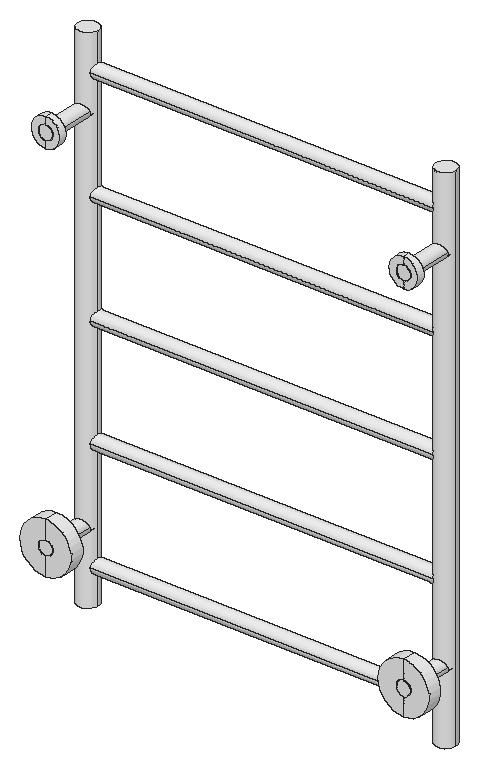
Revit family "LS-5", category Generic Models, host Wall, Revit 2017
Family settings
  Host = Wall
  Can host rebar = No
  Round Connector Dimension = Use Diameter
  Part Type = Normal
  Always vertical = Yes
  Cut with Voids When Loaded = No
  Shared = No
  Room Calculation Point = No
Parameters (values of type "500")
  URL = "http://www.sentakia.com/vesikiertoiset-pyyhekuivaimet/"
  Teho = "kromi: 94 W maalattu: 122 W"
  Sentakia_Material_Default = Stainless Steel, Polished_sentakia
  RAL-väri [instance] = no
  RAL-koodi [instance] = ""
  Model = "LS-5/500"
  Materiaali = "kromattu messinki (CuZn36As)"
  Manufacturer = "Sentakia Oy"
  Leveys = 500 mm
  LVI = "5489960"
  Keynote = "6120"
  Kenkäkoukkupari [instance] = no
  Height = 720 mm  # constant formula
  ELO-600 kromi [instance] = no
  EAN = "4770046007450"
  Depth = 88 mm  # constant formula
  Assembly Code = ""
  2-osainen koukku pitkä [instance] = no
  2-osainen koukku lyhyt [instance] = no
Types (3, lengths in mm): name | Teho | Model | Leveys | LVI | EAN
  350 | "kromi: 90 W maalattu: 117 W" | "LS-5/350" | 350 | "5489959" | "4770046007443"
  500 | "kromi: 94 W maalattu: 122 W" | "LS-5/500" | 500 | "5489960" | "4770046007450"
  600 | "kromi: 103 W maalattu: 133 W" | "LS-5/600" | 600 | "5489961" | "4770046007467"
Reference planes
  plane 1 "Wall": y = 0
  plane 2 "Center (Left/Right)": x = 125
  plane 3 "Back": y = 75
  plane 4: z = 1900
  plane 5: y = 163
  plane 6: y = 135
  plane 7 "Center of lower handler": z = 1280
  plane 8: z = 1800
  plane 9: z = 1290
  plane 10: z = 1270
  plane 11 "r": x = 375
  plane 12 "l": x = -125
  plane 13: y = 149
  plane 14: y = 159
  plane 15: y = 139
  plane 16 "Tikas1": z = 1850
  plane 17 "Tikas2": z = 1540
  plane 18 "Tikas3": z = 1385
  plane 19 "Tikas4": z = 1230
  plane 20 "Bottom": z = 1180
  plane 21: z = 1695
  plane 22: y = 85
  plane 23: x = -145
  plane 24: x = -105
  plane 25: x = 395
  plane 26: x = 355
Forms (mm)
  Extrusion 1, solid, material "Stainless Steel, Polished_sentakia" <- "Sentakia_Material_Default", detail levels medium+fine
    sketch origin (0, 0, 0) x (1, 0, 0) y (0, 0, 1)
      loop
        circle (375, 1280) r 10
    from -149 to -75
  Extrusion 2, solid, material "Stainless Steel, Polished_sentakia" <- "Sentakia_Material_Default", detail levels medium+fine
    sketch origin (0, 0, 0) x (1, 0, 0) y (0, 0, 1)
      loop
        circle (-125, 1280) r 10
    from -149 to -75
  Extrusion 3, solid, material "Stainless Steel, Polished_sentakia" <- "Sentakia_Material_Default", detail levels medium+fine
    sketch origin (0, 0, 310) x (1, 0, 0) y (0, 0, 1)
      loop
        circle (-125, 1490) r 10
    from -149 to -75
  Extrusion 4, solid, material "Stainless Steel, Polished_sentakia" <- "Sentakia_Material_Default", detail levels medium+fine
    sketch origin (0, 0, 0) x (1, 0, 0) y (0, 1, 0)
      loop
        circle (-125, 149) r 14
    from 1180 to 1900
  Extrusion 5, solid, material "Stainless Steel, Polished_sentakia" <- "Sentakia_Material_Default", detail levels medium+fine
    sketch origin (0, 0, 0) x (1, 0, 0) y (0, 1, 0)
      loop
        circle (375, 149) r 14
    from 1180 to 1900
  Revolve 6, solid, material "Stainless Steel, Polished_sentakia" <- "Sentakia_Material_Default", detail levels medium+fine
    sketch origin (375, 0, 0) x (0, 0, 1) y (0, 1, 0)
      loop
        line (1290, 75.434) -> (1316, 75.434) -> (1316, 94.219) -> (1290, 109.219) -> (1290, 75.434)
      axis (1280, 75.434) -> (1280, 109.219)
    angle from 0 to 360
  Revolve 7, solid, material "Stainless Steel, Polished_sentakia" <- "Sentakia_Material_Default", detail levels medium+fine
    sketch origin (-125, 0, 0) x (0, 0, 1) y (0, 1, 0)
      loop
        line (1290, 75) -> (1316, 75) -> (1316, 94.219) -> (1290, 109.219) -> (1290, 75)
      axis (1280, 75) -> (1280, 109.219)
    angle from 0 to 360
  Extrusion 8, solid, material "Stainless Steel, Polished_sentakia" <- "Sentakia_Material_Default", detail levels medium+fine
    sketch origin (125, 0, 0) x (0, 1, 0) y (0, 0, 1)
      loop
        circle (149, 1850) r 10
    from -250 to 250
  Extrusion 9, solid, material "Stainless Steel, Polished_sentakia" <- "Sentakia_Material_Default", detail levels medium+fine
    sketch origin (125, 0, -160) x (0, 1, 0) y (0, 0, 1)
      loop
        circle (149, 1700) r 10
    from -250 to 250
  Extrusion 10, solid, material "Stainless Steel, Polished_sentakia" <- "Sentakia_Material_Default", detail levels medium+fine
    sketch origin (125, 0, -320) x (0, 1, 0) y (0, 0, 1)
      loop
        circle (149, 1705) r 10
    from -250 to 250
  Revolve 11, solid, material "Stainless Steel, Polished_sentakia" <- "Sentakia_Material_Default", detail levels medium+fine
    sketch origin (375, 0, 0) x (0, 0, 1) y (0, 1, 0)
      loop
        line (1810, 75) -> (1820, 75) -> (1820, 85) -> (1810, 85) -> (1810, 75)
      axis (1800, 75) -> (1800, 85)
    angle from 0 to 360
  Revolve 12, solid, material "Stainless Steel, Polished_sentakia" <- "Sentakia_Material_Default", detail levels medium+fine
    sketch origin (-125, 0, 0) x (0, 0, 1) y (0, 1, 0)
      loop
        line (1810, 75) -> (1820, 75) -> (1820, 85) -> (1810, 85) -> (1810, 75)
      axis (1800, 75) -> (1800, 85)
    angle from 0 to 360
  Extrusion 13, solid, material "Stainless Steel, Polished_sentakia" <- "Sentakia_Material_Default", detail levels medium+fine
    sketch origin (0, 0, 0) x (1, 0, 0) y (0, 0, 1)
      loop
        circle (375, 1800) r 10
    from -149 to -75
  Extrusion 14, solid, material "Stainless Steel, Polished_sentakia" <- "Sentakia_Material_Default", detail levels medium+fine
    sketch origin (125, 0, -480) x (0, 1, 0) y (0, 0, 1)
      loop
        circle (149, 1710) r 10
    from -250 to 250
  Extrusion 15, solid, material "Stainless Steel, Polished_sentakia" <- "Sentakia_Material_Default", detail levels coarse
    sketch origin (125, 0, 0) x (0, 1, 0) y (0, 0, 1)
      loop
        line (163, 1900) -> (75, 1900) -> (75, 1180) -> (163, 1180) -> (163, 1900)
    from -250 to 250
  Extrusion 16, solid, material "Stainless Steel, Polished_sentakia" <- "Sentakia_Material_Default", detail levels medium+fine
    sketch origin (125, 0, 22.057) x (0, 1, 0) y (0, 0, 1)
      loop
        circle (149, 1672.943) r 10
    from -250 to 250
Cuts and joins
  joined: Extrusion 4, Extrusion 5, Extrusion 8, Extrusion 9, Extrusion 10, Extrusion 14, Extrusion 16
Lines and regions (mm)
  symbolic lines
    curve 1: line (-125, 75, 0) -> (375, 75, 0)
    curve 2: line (-125, 163, 0) -> (-125, 75, 0)
    curve 3: line (375, 163, 0) -> (-125, 163, 0)
    curve 4: line (375, 75, 0) -> (375, 163, 0)
Text (mm)
  text "Placement Side" at (-1848.837, 1116.779, 0), in view "Ref. Level"
  text "Placement side" at (0, 1409.804, 2854.306), in view "Left"
  text "Placement side" at (0, 499.811, 2980.732), in view "Right"
Dimensions and locks
  locked: plane 3 "Back" to host wall
  "Depth": plane 5 to host wall
  locked: plane 5 to plane 6 at 28
  "Leveys": plane 12 "l" to plane 11 "r"
  plane 8 to level = 1800 mm
  locked: host wall to plane 13 at 74
  locked: plane 14 to plane 15 at 20
  plane 20 "Bottom" to plane 7 "Center of lower handler" = 100 mm
  plane 4 to plane 8 = 100 mm
  plane 8 to plane 17 "Tikas2" to plane 7 "Center of lower handler" = 260 mm, 260 mm
  equal spacing: plane 12 "l", plane 2 "Center (Left/Right)", plane 11 "r"
  "Height": plane 20 "Bottom" to plane 4
  equal spacing: plane 19 "Tikas4", plane 18 "Tikas3", plane 17 "Tikas2", plane 21, plane 16 "Tikas1"
  locked: plane 8 to plane 4 at 100
  locked: plane 20 "Bottom" to plane 7 "Center of lower handler" at 100
  plane 23 to plane 12 "l" to plane 24 = 20 mm locked, 20 mm locked
  plane 26 to plane 11 "r" to plane 25 = 20 mm locked, 20 mm locked
  locked: plane 3 "Back" to plane 22 at 10
  aligned and locked: plane 1 "Wall" to host wall
  aligned and locked: Extrusion 1 to host wall
  aligned and locked: Extrusion 2 to host wall
  aligned and locked: Extrusion 3 to host wall
  aligned and locked: Extrusion 2 to plane 13
  aligned and locked: Extrusion 1 to Extrusion 2
  aligned and locked: plane 4 to Extrusion 4
  aligned and locked: plane 4 to Extrusion 5
  aligned and locked: plane 12 "l" to Extrusion 8
  aligned and locked: Extrusion 8 to plane 11 "r"
  aligned and locked: Extrusion 10 to plane 11 "r"
  aligned and locked: plane 12 "l" to Extrusion 10
  aligned and locked: Extrusion 9 to plane 11 "r"
  aligned and locked: plane 12 "l" to Extrusion 9
  aligned and locked: Revolve 11 sketch curve to plane 8
  aligned and locked: Revolve 12 sketch curve to plane 8
  aligned and locked: Extrusion 13 to host wall
  aligned and locked: plane 12 "l" to Extrusion 3 sketch curve
  aligned and locked: plane 7 "Center of lower handler" to Revolve 7 sketch curve
  aligned and locked: Revolve 6 sketch curve to plane 7 "Center of lower handler"
  aligned and locked: plane 11 "r" to Extrusion 13 sketch curve
  aligned and locked: plane 8 to Extrusion 13 sketch curve
  aligned and locked: Extrusion 3 to Extrusion 13
  aligned and locked: Extrusion 13 to plane 13
  aligned and locked: plane 3 "Back" to Revolve 7
  aligned and locked: cut or joined group of Extrusion 4, Extrusion 5, Extrusion 8, Extrusion 9, Extrusion 10, Extrusion 14, Extrusion 16 to plane 20 "Bottom"  (x2)
  aligned and locked: Extrusion 14 to plane 11 "r"
  aligned and locked: plane 12 "l" to Extrusion 14
  aligned and locked: plane 4 to Extrusion 15
  aligned and locked: Extrusion 15 to cut or joined group of Extrusion 4, Extrusion 5, Extrusion 8, Extrusion 9, Extrusion 10, Extrusion 14, Extrusion 16
  aligned and locked: Extrusion 15 to plane 11 "r"
  aligned and locked: plane 12 "l" to Extrusion 15
  aligned and locked: Extrusion 15 to host wall
  aligned and locked: Extrusion 16 to plane 11 "r"
  aligned and locked: plane 12 "l" to Extrusion 16
  aligned and locked: curve 1 to Extrusion 15
  aligned and locked: curve 2 to Extrusion 15
  aligned and locked: curve 3 to Extrusion 15
  aligned and locked: curve 4 to Extrusion 15
Automatic sketch dimensions
  Extrusion 1 sketch curve to plane 7 "Center of lower handler" = 0 mm
  plane 11 "r" to Extrusion 1 sketch curve = 0 mm
  Extrusion 2 sketch curve to plane 7 "Center of lower handler" = 0 mm
  plane 12 "l" to Extrusion 2 sketch curve = 0 mm
  Extrusion 3 sketch curve to plane 8 = 0 mm
  Extrusion 4 sketch curve to plane 12 "l" = 0 mm
  plane 13 to Extrusion 4 sketch curve = 0 mm
  Extrusion 5 sketch curve to plane 11 "r" = 0 mm
  plane 13 to Extrusion 5 sketch curve = 0 mm
  Revolve 6 sketch curve to plane 9 = 0 mm
  plane 9 to Revolve 6 sketch curve = 26 mm
  host wall to Revolve 6 sketch curve = 0.434 mm
  Revolve 6 sketch curve to Revolve 6 sketch curve = 18.785 mm
  plane 6 to Revolve 6 sketch curve = 25.781 mm
  Revolve 6 sketch curve to host wall = 0.781 mm
  plane 6 to Revolve 6 sketch curve = 13.43 mm
  Revolve 7 sketch curve to plane 9 = 0 mm
  Revolve 7 sketch curve to host wall = 0 mm
  plane 9 to Revolve 7 sketch curve = 26 mm
  host wall to Revolve 7 sketch curve = 19.219 mm
  plane 6 to Revolve 7 sketch curve = 25.781 mm
  Revolve 7 sketch curve to host wall = 0.781 mm
  plane 6 to Revolve 7 sketch curve = 13.43 mm
  Extrusion 8 sketch curve to plane 13 = 0 mm
  Extrusion 8 sketch curve to plane 16 "Tikas1" = 0 mm
  Extrusion 9 sketch curve to plane 13 = 0 mm
  Extrusion 9 sketch curve to plane 17 "Tikas2" = 0 mm
  Extrusion 10 sketch curve to plane 13 = 0 mm
  plane 18 "Tikas3" to Extrusion 10 sketch curve = 0 mm
  Revolve 11 sketch curve to host wall = 0 mm  (x2)
  plane 8 to Revolve 11 sketch curve = 10 mm
  Revolve 11 sketch curve to Revolve 11 sketch curve = 10 mm
  host wall to Revolve 11 sketch curve = 10 mm
  plane 6 to Revolve 11 sketch curve = 20 mm
  Revolve 12 sketch curve to host wall = 0 mm  (x2)
  Revolve 12 sketch curve to Revolve 12 sketch curve = 10 mm  (x2)
  host wall to Revolve 12 sketch curve = 10 mm
  plane 6 to Revolve 12 sketch curve = 20 mm
  Extrusion 14 sketch curve to plane 13 = 0 mm
  plane 19 "Tikas4" to Extrusion 14 sketch curve = 0 mm
  Extrusion 15 sketch curve to host wall = 0 mm
  Extrusion 15 sketch curve to plane 5 = 0 mm
  Extrusion 15 sketch curve to plane 20 "Bottom" = 0 mm
  Extrusion 15 sketch curve to plane 4 = 0 mm
  Extrusion 16 sketch curve to plane 13 = 0 mm
  Extrusion 16 sketch curve to plane 21 = 0 mm
  radius of Extrusion 1 sketch curve = 10 mm
  radius of Extrusion 2 sketch curve = 10 mm
  radius of Extrusion 3 sketch curve = 10 mm
  radius of Extrusion 4 sketch curve = 14 mm
  radius of Extrusion 5 sketch curve = 14 mm
  radius of Extrusion 8 sketch curve = 10 mm
  radius of Extrusion 9 sketch curve = 10 mm
  radius of Extrusion 10 sketch curve = 10 mm
  radius of Extrusion 13 sketch curve = 10 mm
  radius of Extrusion 14 sketch curve = 10 mm
  radius of Extrusion 16 sketch curve = 10 mm
Connectors
  piping at (375, 75, 1280), diameter 12
    settings: on Extrusion 1, index 1, connector inside diameter 609.6 mm, connector length 0 mm, flow factor 0, pipe flow 0.0 L/s, pressure drop 0.0 Pa, fitting loss kfactor 0, connector angle 0.00°, fixture units 0, engagement length 0 mm, angle of deflection 0.00°, flow configuration 0, flow direction 0, fitting loss method 0, system type 22, joint type 0, gender type 0, connector reference index -1, connector utility 0, adjustable connector no, is connector primary yes, connector description ""
  piping at (375, 75, 1280), diameter 12
    settings: on Extrusion 1, index 2, connector inside diameter 609.6 mm, connector length 0 mm, flow factor 0, pipe flow 0.0 L/s, pressure drop 0.0 Pa, fitting loss kfactor 0, connector angle 0.00°, fixture units 0, engagement length 0 mm, angle of deflection 0.00°, flow configuration 0, flow direction 0, fitting loss method 0, system type 22, joint type 0, gender type 0, connector reference index -1, connector utility 0, adjustable connector no, is connector primary no, connector description ""
  piping at (-125, 75, 1280), diameter 12
    settings: on Extrusion 2, index 3, connector inside diameter 609.6 mm, connector length 0 mm, flow factor 0, pipe flow 0.0 L/s, pressure drop 0.0 Pa, fitting loss kfactor 0, connector angle 0.00°, fixture units 0, engagement length 0 mm, angle of deflection 0.00°, flow configuration 0, flow direction 0, fitting loss method 0, system type 22, joint type 0, gender type 0, connector reference index -1, connector utility 0, adjustable connector no, is connector primary no, connector description ""
